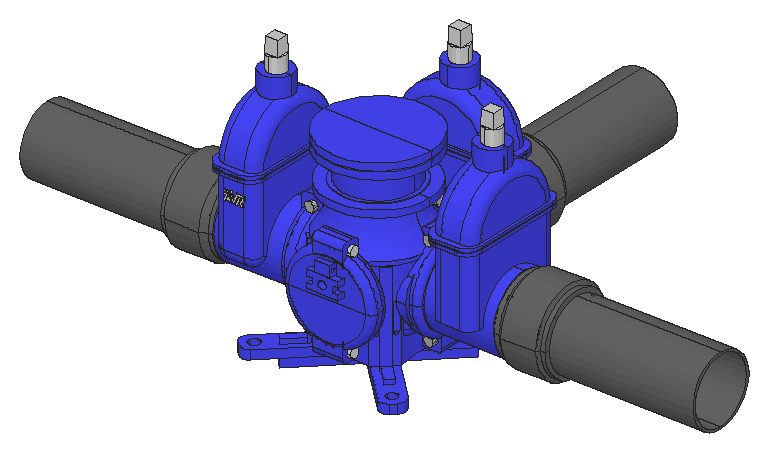
Revit family "18-01-010 DN150 Combicross with BL_CAP", category Pipe Accessories, Revit 2022
Family settings
  Round Connector Dimension = Use Diameter
  Part Type = Valve - Breaks Into
  Work Plane-Based = No
  Always vertical = Yes
  Cut with Voids When Loaded = No
  Shared = No
Parameters (values of type "DN150_With BL_CAP")
  test = 100 mm  # constant formula
  URL_product_pages = "https://www.avkvalves.com/P.aspx?no=1815001CCC894764"
  Search_table = "18-01-010 DN150 Combicross with BL_CAP"
  Rib_dim2 = 510 mm * 0.04  # 20.4 mm
  Rib_dim1 = 55 mm * 0.2  # 11 mm
  Raised_dis = size_lookup(Search_table, "Raised_dis", 0 mm, DN)  # 3 mm
  Rib_dim3 = PCD * 0.45  # 180 mm
  PCD = 510 mm - 110 mm  # 400 mm
  L3 = size_lookup(Search_table, "L3", 0 mm, DN)  # 952 mm
  L = size_lookup(Search_table, "L", 0 mm, DN) / 2  # 767 mm
  Hole_dia = 26 mm / 2  # 13 mm
  H3-H1 = H3 - H1  # 401 mm
  H3 = size_lookup(Search_table, "H3", 0 mm, DN)  # 591 mm
  H1 = size_lookup(Search_table, "H1", 0 mm, DN)  # 190 mm
  FL_T = size_lookup(Search_table, "FL_T", 0 mm, DN)  # 16 mm
  Description_ = "COMBI-CROSS, PE PIPE ENDS, PN16"
  Default Elevation = 0 mm
  DN150_With BL_CAP = "18-150-01-CCC894764"
  DN = 150 mm
  Conn.3 = size_lookup(Search_table, "Conn.3", 0 mm, DN)  # 160 mm
  Conn.2 = size_lookup(Search_table, "Conn.2", 0 mm, DN)  # 160 mm
  Conn.1 = size_lookup(Search_table, "Conn.1", 0 mm, DN)  # 160 mm
  L4 = size_lookup(Search_table, "L4", 0 mm, DN)  # 335 mm
  Centre_Flange_OD = size_lookup(Search_table, "Centre_Flange_OD", 0 mm, DN) / 2  # 110 mm
  Centre_Bnt_H = size_lookup(Search_table, "Centre_Bnt_H", 0 mm, DN)  # 85 mm
  Centre_dis = size_lookup(Search_table, "Centre_dis", 0 mm, DN) / 2  # 125 mm
  Centre_B_H = size_lookup(Search_table, "Centre_B_H", 0 mm, DN)  # 188 mm
  C_to_connection = size_lookup(Search_table, "C_to_connection", 0 mm, DN)  # 125 mm
  C_FL_D = size_lookup(Search_table, "C_FL_D", 0 mm, DN) / 2  # 120 mm
  C_Bnt_OD = Bore * 1.25  # 93.75 mm
  Bore = DN / 2  # 75 mm
  Body_T = size_lookup(Search_table, "Body_T", 0 mm, DN)  # 9 mm
  Bnt_RR = Centre_dis * 0.85  # 106.25 mm
  55/2 = 55 mm / 2  # 27.5 mm
  510 = 510 mm / 2  # 255 mm
  35 = 35 mm  # constant formula
  320 = 320 mm / 2  # 160 mm
  30 = 30 mm  # constant formula
  20 = 20 mm  # constant formula
  2 = 2 mm  # constant formula
  185 = 185 mm  # constant formula
  15 = 15 mm  # constant formula
  10 = 10 mm  # constant formula
  1 = 150 mm  # constant formula
Reference planes
  plane 1 "Center (Front/Back)": y = 0
  plane 2: z = 0
  plane 3 "Center (Left/Right)": x = 0
  plane 4: through (0, 0, 1200) normal (-0.7071, 0.7071, 0)
  plane 5: through (0, 0, 1200) normal (-0.7071, -0.7071, 0)
  plane 6: z = 75
  plane 7: z = -75
  plane 8: z = 188
  plane 9: z = 172
  plane 10: x = -75
  plane 11: x = 75
  plane 12: x = -125
  plane 13: x = 125
  plane 14: z = 273
  plane 15: z = 270
  plane 16: z = 289
  plane 17: z = 401
  plane 18: x = -125
  plane 19: x = 125
  plane 20: y = 125
  plane 21: y = -125
  plane 22: through (124.616, -485.241, 1200) normal (0.7071, 0.7071, 0)
  plane 23: z = -190
  plane 24: z = -160
  plane 25: through (-593.135, 232.511, 1200) normal (0.7071, 0.7071, 0)
  plane 26: y = -75
  plane 27: x = -75
  plane 28: through (-126.931, 487.555, 1200) normal (0.7071, 0.7071, 0)
  plane 29: through (-400.771, -40.147, 1200) normal (-0.7071, 0.7071, 0)
  plane 30: through (-24.107, -384.732, 1200) normal (-0.7071, 0.7071, 0)
  plane 31: through (58.234, 97.33, 1200) normal (0.7071, 0.7071, 0)
  plane 32: through (-97.33, -58.234, 1200) normal (0.7071, 0.7071, 0)
  plane 33: through (58.234, -97.33, 1200) normal (-0.7071, 0.7071, 0)
  plane 34: through (-97.33, 58.234, 1200) normal (-0.7071, 0.7071, 0)
  plane 35: x = -767
  plane 36: x = 767
  plane 37: x = -432
  plane 38: z = -190
  plane 39: y = 767
  plane 40: y = -185
Forms (mm)
  Revolve 1, solid, material "Laminate, Blue, Matte"
    sketch origin (0, 0, -71.799) x (1, 0, 0) y (0, 0, 1)
      loop
        line (-125, 155.799) -> (-125, 146.799) -> (-75, 146.799) -> (-75, 243.799) -> (-84, 243.799)
        arc (-84, 243.799) -> (-96.418, 196.034) -> (-125, 155.799) r 136.586
      axis (0, 243.799) -> (0, 146.799)
    angle from 0 to 360
  Revolve 2, solid, material "Laminate, Blue, Matte"
    sketch origin (0, 0, 0) x (1, 0, 0) y (0, 0, 1)
      loop
        line (125, 270) -> (106.25, 270) -> (106.25, 273) -> (75, 273) -> (75, 188) -> (84, 188) -> (84, 254) -> (125, 254) -> (125, 270)
      axis (0, 273) -> (0, 188)
    angle from 0 to 360
  Extrusion 3, solid, material "Laminate, Blue, Matte"
    sketch origin (-442.62, -1524, 188) x (-1, 0, 0) y (0, -1, 0)
      loop
        circle (-442.62, -1524) r 93.75
      loop
        circle (-442.62, -1524) r 75
    from 0 to -16
  Revolve 4, solid, material "Laminate, Blue, Matte"
    sketch origin (0, 0, 0) x (1, 0, 0) y (0, 0, 1)
      loop
        line (-125, 289) -> (-125, 273) -> (0, 273) -> (0, 289) -> (-125, 289)
      axis (0, 273) -> (0, 289)
    angle from 0 to 360
  Revolve 5, solid, material "Laminate, Blue, Matte"
    sketch origin (0, 0, 0) x (1, 0, 0) y (0, 0, 1)
      loop
        line (0, 75) -> (-125, 75) -> (-125, -64)
        arc (-125, -64) -> (-119.142, -78.142) -> (-105, -84) r 20
        line (-105, -84) -> (0, -84) -> (0, 75)
      axis (0, 75) -> (0, -84)
    angle from 0 to 360
  Revolve 6, solid, material "Laminate, Blue, Matte"
    sketch origin (0, 0, 0) x (1, 0, 0) y (0, 0, 1)
      loop
        line (-120, 188) -> (-120, 172) -> (0, 172) -> (0, 188) -> (-120, 188)
      axis (0, 188) -> (0, 172)
    angle from 0 to 360
  Extrusion 7, solid, material "Laminate, Blue, Matte"
    sketch origin (0, 0, 0) x (1, 0, 0) y (0, 0, 1)
      loop
        circle (0, 0) r 75
    from -125 to 125
  Extrusion 8, solid, material "Laminate, Blue, Matte"
    sketch origin (0, 0, 0) x (0, 1, 0) y (0, 0, 1)
      loop
        circle (0, 0) r 75
    from -125 to 125
  Extrusion 9, solid, material "Laminate, Blue, Matte"
    sketch origin (-49.134, 0, 0) x (1, 0, 0) y (0, 1, 0)
      loop
        line (-136.481, -175.009) -> (-125.875, -185.616)
        arc (-125.875, -185.616) -> (-111.733, -191.473) -> (-97.59, -185.616) r 20
        line (-97.59, -185.616) -> (49.134, -38.891) -> (195.859, -185.616)
        arc (195.859, -185.616) -> (210.001, -191.473) -> (224.143, -185.616) r 20
        line (224.143, -185.616) -> (234.75, -175.009)
        arc (234.75, -175.009) -> (240.608, -160.867) -> (234.75, -146.725) r 20
        line (234.75, -146.725) -> (88.025, 0) -> (234.75, 146.725)
        arc (234.75, 146.725) -> (240.608, 160.867) -> (234.75, 175.009) r 20
        line (234.75, 175.009) -> (224.143, 185.616)
        arc (224.143, 185.616) -> (210.001, 191.473) -> (195.859, 185.616) r 20
        line (195.859, 185.616) -> (49.134, 38.891) -> (-97.59, 185.616)
        arc (-97.59, 185.616) -> (-111.733, 191.473) -> (-125.875, 185.616) r 20
        line (-125.875, 185.616) -> (-136.481, 175.009)
        arc (-136.481, 175.009) -> (-142.339, 160.867) -> (-136.481, 146.725) r 20
        line (-136.481, 146.725) -> (10.243, 0) -> (-136.481, -146.725)
        arc (-136.481, -146.725) -> (-142.339, -160.867) -> (-136.481, -175.009) r 20
      loop
        circle (-110.866, -160) r 13
      loop
        circle (209.134, 160) r 13
      loop
        circle (209.134, -160) r 13
      loop
        circle (-110.866, 160) r 13
    from -140 to -160
  Extrusion 10, solid, material "Laminate, Blue, Matte"
    sketch origin (-49.134, 0, 0) x (1, 0, 0) y (0, 1, 0)
      loop
        arc (-14.395, 105.956) -> (-38.374, 87.559) -> (-57.237, 63.945) r 125
        arc (-57.237, 63.945) -> (-51.556, 0.03) -> (-57.181, -63.889) r 364.185
        arc (-57.181, -63.889) -> (-38.3, -87.489) -> (-14.307, -105.867) r 125
        arc (-14.307, -105.867) -> (49.049, -99.915) -> (112.418, -105.711) r 344.669
        arc (112.418, -105.711) -> (136.834, -87.871) -> (156.251, -64.69) r 125
        arc (156.251, -64.69) -> (148.979, -0.039) -> (156.18, 64.619) r 292.468
        arc (156.18, 64.619) -> (137.545, 88.412) -> (113.745, 107.038) r 125
        arc (113.745, 107.038) -> (49.785, 93.443) -> (-14.395, 105.956) r 163.77
    from -135 to 0
  Extrusion 11, solid, material "Laminate, Blue, Matte"
    sketch origin (-49.134, 0, 0) x (1, 0, 0) y (0, 1, 0)
      loop
        line (49.134, 14.142) -> (-71.074, 134.35) -> (-85.216, 120.208) -> (34.992, 0) -> (-85.216, -120.208) -> (-71.074, -134.35) -> (49.134, -14.142) -> (169.342, -134.35) -> (183.484, -120.208) -> (63.276, 0) -> (183.484, 120.208) -> (169.342, 134.35) -> (49.134, 14.142)
    from -130 to -190
  Extrusion 12, solid, material "Laminate, Blue, Matte"
    sketch origin (-49.134, 0, 0) x (1, 0, 0) y (0, 1, 0)
      loop
        line (104.713, 71.135) -> (120.269, 55.579) -> (149.119, 84.429) -> (133.563, 99.985) -> (104.713, 71.135)
      loop
        line (-50.851, -84.429) -> (-35.294, -99.985) -> (-6.444, -71.135) -> (-22.001, -55.579) -> (-50.851, -84.429)
      loop
        line (149.119, -84.429) -> (120.269, -55.579) -> (104.713, -71.135) -> (133.563, -99.985) -> (149.119, -84.429)
      loop
        line (-6.444, 71.135) -> (-35.294, 99.985) -> (-50.851, 84.429) -> (-22.001, 55.579) -> (-6.444, 71.135)
    from -160 to 75
  Revolve 13, solid, material "Laminate, Blue, Matte"
    sketch origin (-49.134, 0, 0) x (1, 0, 0) y (0, 1, 0)
      loop
        line (49.134, -102.565) -> (49.134, -147.435) -> (138.134, -147.435)
        arc (138.134, -147.435) -> (148.741, -143.042) -> (153.134, -132.435) r 15
        line (153.134, -132.435) -> (153.134, -117.565)
        arc (153.134, -117.565) -> (148.741, -106.958) -> (138.134, -102.565) r 15
        line (138.134, -102.565) -> (49.134, -102.565)
      axis (49.134, -102.565) -> (49.134, -147.435)
    angle from 0 to 360
  Extrusion 14, solid, material "Laminate, Blue, Matte"
    sketch origin (0, 0, 0) x (0, 1, 0) y (0, 0, 1)
      loop
        line (-147.217, 75) -> (-102.217, 75) -> (-102.217, 111)
        arc (-102.217, 111) -> (-106.611, 121.607) -> (-117.217, 126) r 15
        line (-117.217, 126) -> (-132.217, 126)
        arc (-132.217, 126) -> (-142.824, 121.607) -> (-147.217, 111) r 15
        line (-147.217, 111) -> (-147.217, 75)
      loop
        line (-147.217, -75) -> (-147.217, -111)
        arc (-147.217, -111) -> (-142.824, -121.607) -> (-132.217, -126) r 15
        line (-132.217, -126) -> (-117.217, -126)
        arc (-117.217, -126) -> (-106.611, -121.607) -> (-102.217, -111) r 15
        line (-102.217, -111) -> (-102.217, -75) -> (-147.217, -75)
    from -35 to 35
  Extrusion 15, solid, material "Default New Material(1)"
    sketch origin (0, 0, 0) x (0, 1, 0) y (0, 0, 1)
      loop
        circle (-125.169, 105.693) r 11
      loop
        circle (-125.169, -105.693) r 11
    from -45 to 45
  Extrusion 16, solid, material "Laminate, Blue, Matte"
    sketch origin (0, 0, 0) x (1, 0, 0) y (0, 0, 1)
      loop
        line (-36.926, 57.003) -> (-36.926, 43.223) -> (-23.245, 43.223) -> (-23.245, 28.223) -> (-36.926, 28.223) -> (-36.926, 17.003) -> (36.926, 17.003) -> (36.926, 28.223) -> (23.245, 28.223) -> (23.245, 43.223) -> (36.926, 43.223) -> (36.926, 57.003) -> (-36.926, 57.003)
      loop
        circle (0, 36.333) r 10
    from 147.217 to 162.277
  Extrusion 17, solid, material "Laminate, Blue, Matte"
    sketch origin (0, 0, 0) x (0, 1, 0) y (0, 0, 1)
      loop
        line (-147.217, 57.003) -> (-147.217, 82.003) -> (-162.217, 82.003) -> (-162.217, 57.003) -> (-147.217, 57.003)
      loop
        circle (-155.036, 70.575) r 5
    from -18.224 to 18.224
Dimensions and locks
  equal spacing: plane 6, level, plane 7
  "Bore": plane 6 to level
  "Centre_B_H": plane 8 to level
  "FL_T": plane 8 to plane 9
  equal spacing: plane 11, plane 3 "Center (Left/Right)", plane 10
  "Bore": plane 3 "Center (Left/Right)" to plane 10
  "Body_T": plane 10 to Revolve 1 sketch curve
  equal spacing: plane 13, plane 3 "Center (Left/Right)", plane 12
  "Centre_dis": plane 3 "Center (Left/Right)" to plane 12
  "Centre_Bnt_H": plane 8 to plane 14
  "Raised_dis": Revolve 2 sketch curve to plane 14
  "Body_T": Revolve 2 sketch curve to plane 11
  "Raised_dis": plane 15 to plane 14
  "FL_T": Revolve 2 sketch curve to plane 15
  "Bnt_RR": Revolve 2 sketch curve to plane 3 "Center (Left/Right)"
  equal spacing: Extrusion 3 sketch curve, plane 3 "Center (Left/Right)", Extrusion 3 sketch curve  (x2)
  equal spacing: Extrusion 3 sketch curve, plane 1 "Center (Front/Back)", Extrusion 3 sketch curve  (x2)
  "FL_T": plane 16 to plane 14
  "H3-H1": plane 17 to level
  "Body_T": plane 7 to Revolve 5 sketch curve
  "C_FL_D": plane 3 "Center (Left/Right)" to Revolve 6 sketch curve
  equal spacing: Extrusion 7 sketch curve, plane 3 "Center (Left/Right)", Extrusion 7 sketch curve
  equal spacing: Extrusion 7 sketch curve, level, Extrusion 7 sketch curve
  equal spacing: Extrusion 7, plane 1 "Center (Front/Back)", Extrusion 7
  "C_to_connection": Extrusion 7 to plane 1 "Center (Front/Back)"
  equal spacing: plane 19, plane 3 "Center (Left/Right)", plane 18
  "C_to_connection": plane 3 "Center (Left/Right)" to plane 18
  equal spacing: Extrusion 8 sketch curve, plane 1 "Center (Front/Back)", Extrusion 8 sketch curve
  equal spacing: Extrusion 8 sketch curve, level, Extrusion 8 sketch curve
  equal spacing: Extrusion 8, plane 3 "Center (Left/Right)", Extrusion 8
  equal spacing: plane 20, plane 1 "Center (Front/Back)", plane 21
  "C_to_connection": plane 20 to plane 1 "Center (Front/Back)"
  equal spacing: Extrusion 9 sketch curve, plane 4, Extrusion 9 sketch curve
  "55/2": Extrusion 9 sketch curve to plane 4
  "510": plane 5 to Extrusion 9 sketch curve
  "510": plane 5 to plane 22
  "H1": level to plane 23
  "30": Extrusion 9 to plane 23
  "30": plane 24 to plane 23
  "20": Extrusion 9 to plane 24
  "510": plane 5 to plane 25
  "510": plane 28 to plane 5
  Extrusion 9 sketch curve to Extrusion 9 sketch curve = 55 mm
  "510": plane 29 to plane 4
  "510": plane 4 to plane 30
  "Body_T": Revolve 1 sketch curve to plane 6
  "Centre_Flange_OD": plane 31 to plane 5
  equal spacing: Extrusion 12 sketch curve, plane 4, Extrusion 12 sketch curve  (x2)
  "Rib_dim2": plane 31 to Extrusion 12 sketch curve
  "Rib_dim2": Extrusion 12 sketch curve to plane 31
  "Rib_dim1": Extrusion 12 sketch curve to plane 4
  equal spacing: Extrusion 12 sketch curve, plane 5, Extrusion 12 sketch curve  (x2)
  "Rib_dim2": Extrusion 12 sketch curve to plane 32
  "Rib_dim2": plane 33 to Extrusion 12 sketch curve
  "Rib_dim2": Extrusion 12 sketch curve to plane 33
  "Rib_dim2": plane 34 to Extrusion 12 sketch curve
  "Rib_dim1": Extrusion 12 sketch curve to plane 5
  "Rib_dim1": plane 5 to Extrusion 12 sketch curve
  equal spacing: Extrusion 9 sketch curve, plane 5, Extrusion 9 sketch curve
  "320": Extrusion 9 sketch curve to plane 3 "Center (Left/Right)"  (x2)
  "320": plane 3 "Center (Left/Right)" to Extrusion 9 sketch curve  (x2)
  equal spacing: Extrusion 11 sketch curve, plane 4, Extrusion 11 sketch curve  (x2)
  equal spacing: Extrusion 11 sketch curve, plane 5, Extrusion 11 sketch curve  (x2)
  "10": Extrusion 11 sketch curve to plane 5
  "10": plane 4 to Extrusion 11 sketch curve
  "Rib_dim3": Extrusion 11 sketch curve to plane 5
  "Rib_dim3": Extrusion 11 sketch curve to plane 4
  equal spacing: Extrusion 10 sketch curve, plane 5, Extrusion 10 sketch curve  (x2)
  "30": plane 5 to Extrusion 10 sketch curve
  equal spacing: Extrusion 10 sketch curve, plane 4, Extrusion 10 sketch curve  (x2)
  "30": Extrusion 10 sketch curve to plane 5
  "30": plane 4 to Extrusion 10 sketch curve  (x2)
  "L": plane 3 "Center (Left/Right)" to plane 35
  "L": plane 3 "Center (Left/Right)" to plane 36
  "L4": plane 35 to plane 37
  "H1": level to plane 38
  "30": Extrusion 11 to plane 24
  plane 17 to plane 38 = 591 mm
  plane 35 to plane 36 = 1534 mm
  "L": plane 1 "Center (Front/Back)" to plane 39
  "L3": plane 39 to plane 40
  equal spacing: Revolve 13 sketch curve, plane 21, Revolve 13 sketch curve
  equal spacing: Extrusion 16 sketch curve, plane 3 "Center (Left/Right)", Extrusion 16 sketch curve  (x2)
  equal spacing: Extrusion 17, plane 3 "Center (Left/Right)", Extrusion 17
  "Bore": radius of Extrusion 3 sketch curve
  "C_Bnt_OD": radius of Extrusion 3 sketch curve
  "Bore": radius of Extrusion 7 sketch curve
  "Bore": radius of Extrusion 8 sketch curve
  "Hole_dia": radius of Extrusion 9 sketch curve  (x4)
  "20": radius of Extrusion 9 sketch curve  (x8)
  "Centre_dis": radius of Extrusion 10 sketch curve  (x4)
  aligned and locked: level to plane 2
  aligned and locked: Revolve 1 sketch curve to plane 3 "Center (Left/Right)"
  aligned and locked: Revolve 1 sketch curve to plane 6
  aligned and locked: plane 10 to Revolve 1 sketch curve
  aligned and locked: plane 9 to Revolve 1 sketch curve
  aligned and locked: Revolve 1 sketch curve to plane 12
  aligned and locked: Revolve 2 sketch curve to plane 3 "Center (Left/Right)"
  aligned and locked: plane 8 to Revolve 2 sketch curve
  aligned and locked: Revolve 2 sketch curve to plane 11
  aligned and locked: plane 14 to Revolve 2 sketch curve
  aligned and locked: plane 13 to Revolve 2 sketch curve
  aligned and locked: plane 8 to Extrusion 3
  aligned and locked: Extrusion 3 to plane 9
  aligned and locked: plane 16 to Revolve 4 sketch curve
  aligned and locked: plane 12 to Revolve 4 sketch curve
  aligned and locked: plane 14 to Revolve 4 sketch curve
  aligned and locked: Revolve 4 sketch curve to plane 3 "Center (Left/Right)"
  aligned and locked: Revolve 4 sketch curve to plane 16
  aligned and locked: plane 3 "Center (Left/Right)" to Revolve 5 sketch curve
  aligned and locked: plane 6 to Revolve 5 sketch curve
  aligned and locked: Revolve 5 sketch curve to plane 3 "Center (Left/Right)"
  aligned and locked: Revolve 6 sketch curve to plane 3 "Center (Left/Right)"  (x2)
  aligned and locked: Revolve 6 sketch curve to plane 8
  aligned and locked: plane 9 to Revolve 6 sketch curve
  aligned and locked: Extrusion 8 to plane 18
  aligned and locked: Extrusion 9 sketch curve to plane 22
  aligned and locked: level to Extrusion 10
  aligned and locked: Extrusion 9 sketch curve to plane 28
  aligned and locked: Extrusion 9 sketch curve to Extrusion 9 sketch curve  (x2)
  aligned and locked: plane 30 to Extrusion 9 sketch curve
  aligned and locked: Extrusion 9 sketch curve to plane 29
  aligned and locked: Extrusion 11 sketch curve to Extrusion 11 sketch curve  (x4)
  aligned and locked: Extrusion 12 sketch curve to Extrusion 12 sketch curve  (x4)
  aligned and locked: Extrusion 12 to plane 24
  aligned and locked: plane 6 to Extrusion 12
  aligned and locked: plane 18 to nested 1
  aligned and locked: plane 20 to nested 2
  aligned and locked: nested 3 to plane 19
  aligned and locked: Extrusion 11 to plane 38
  aligned and locked: Revolve 13 sketch curve to plane 3 "Center (Left/Right)"
  aligned and locked: nested 2 to Extrusion 14 sketch curve
  aligned and locked: Extrusion 14 to nested 2  (x2)
  aligned and locked: Extrusion 15 to nested 2  (x2)
  aligned and locked: Extrusion 16 sketch curve to Extrusion 16 sketch curve  (x2)
  aligned and locked: Extrusion 14 to Extrusion 16
  aligned and locked: Extrusion 17 sketch curve to Extrusion 16
Automatic sketch dimensions
  Revolve 4 sketch curve to plane 3 "Center (Left/Right)" = 0 mm
  plane 16 to Revolve 4 sketch curve = 85 mm
  Revolve 13 sketch curve to plane 3 "Center (Left/Right)" = 0 mm
  plane 11 to Revolve 13 sketch curve = 14 mm  (x2)
  Revolve 13 sketch curve to plane 21 = 7.435 mm
  Revolve 13 sketch curve to plane 40 = 40 mm
  Revolve 13 sketch curve to Revolve 13 sketch curve = 40 mm
  Revolve 13 sketch curve to Revolve 13 sketch curve = 15 mm
  Extrusion 14 sketch curve to plane 6 = 0 mm
  Extrusion 14 sketch curve to plane 7 = 0 mm
  plane 21 to Extrusion 14 sketch curve = 22.217 mm  (x2)
  plane 21 to Extrusion 14 sketch curve = 7.217 mm  (x2)
  Extrusion 14 sketch curve to plane 21 = 7.783 mm  (x3)
  Extrusion 14 sketch curve to Extrusion 14 sketch curve = 15 mm
  Extrusion 14 sketch curve to plane 21 = 22.783 mm
  Extrusion 14 sketch curve to Extrusion 14 sketch curve = 36 mm
  plane 21 to Extrusion 15 sketch curve = 0.169 mm  (x2)
  Extrusion 15 sketch curve to plane 7 = 30.693 mm
  plane 6 to Extrusion 15 sketch curve = 30.693 mm
  Extrusion 16 sketch curve to plane 3 "Center (Left/Right)" = 0 mm
  Extrusion 16 sketch curve to plane 3 "Center (Left/Right)" = 23.245 mm
  Extrusion 16 sketch curve to Extrusion 16 sketch curve = 13.681 mm
  level to Extrusion 16 sketch curve = 17.003 mm
  Extrusion 16 sketch curve to Extrusion 16 sketch curve = 11.22 mm  (x2)
  Extrusion 16 sketch curve to Extrusion 16 sketch curve = 8.11 mm
  Extrusion 16 sketch curve to Extrusion 16 sketch curve = 15 mm  (x2)
  Extrusion 16 sketch curve to Extrusion 16 sketch curve = 13.78 mm
  plane 40 to Extrusion 17 sketch curve = 22.783 mm
  Extrusion 17 sketch curve to plane 6 = 4.425 mm
  Extrusion 17 sketch curve to Extrusion 17 sketch curve = 7.181 mm
  Extrusion 17 sketch curve to Extrusion 17 sketch curve = 15 mm
  plane 6 to Extrusion 17 sketch curve = 7.003 mm
  Revolve 1 sketch curve to plane 8 = 6.082 mm
  Revolve 1 sketch curve to plane 9 = 32.024 mm
  plane 8 to Revolve 1 sketch curve = 16.976 mm
  Revolve 2 sketch curve to plane 17 = 11.711 mm
  plane 17 to Revolve 2 sketch curve = 3.289 mm
  Revolve 5 sketch curve to plane 12 = 0 mm
  plane 12 to Revolve 5 sketch curve = 20 mm
  Revolve 5 sketch curve to Revolve 5 sketch curve = 31 mm
  Revolve 5 sketch curve to plane 9 = 15 mm
  Revolve 6 sketch curve to plane 9 = 20 mm
  Revolve 6 sketch curve to Revolve 6 sketch curve = 25 mm
  plane 1 "Center (Front/Back)" to Extrusion 9 sketch curve = 0 mm  (x2)
  Extrusion 9 sketch curve to plane 3 "Center (Left/Right)" = 0 mm  (x2)
  Extrusion 9 sketch curve to plane 5 = 0 mm
  Extrusion 9 sketch curve to plane 4 = 0 mm  (x2)
  plane 1 "Center (Front/Back)" to Extrusion 10 sketch curve = 0.129 mm
  Extrusion 10 sketch curve to plane 37 = 32.876 mm
  Extrusion 10 sketch curve to plane 3 "Center (Left/Right)" = 0.731 mm
  plane 3 "Center (Left/Right)" to Extrusion 10 sketch curve = 0.01 mm
  plane 3 "Center (Left/Right)" to Extrusion 10 sketch curve = 0.016 mm
  Extrusion 10 sketch curve to plane 1 "Center (Front/Back)" = 0.007 mm
  plane 3 "Center (Left/Right)" to Extrusion 10 sketch curve = 0.04 mm
  plane 3 "Center (Left/Right)" to Extrusion 10 sketch curve = 0.34 mm
  plane 3 "Center (Left/Right)" to Extrusion 10 sketch curve = 2.288 mm
  Extrusion 10 sketch curve to plane 1 "Center (Front/Back)" = 0.121 mm
  plane 13 to Extrusion 10 sketch curve = 267.313 mm
  Extrusion 10 sketch curve to plane 40 = 259.583 mm
  radius of Extrusion 15 sketch curve = 11 mm  (x2)
  radius of Extrusion 16 sketch curve = 10 mm
  radius of Extrusion 17 sketch curve = 5 mm
Nested families
  nested 1: "Gate valve DN150" at (-237, 0, 0), type "Gate valve DN150"
  nested 2: "Gate valve DN150" at (0, 237, 0) x (0, -1, 0) z (0, 0, 1), type "Gate valve DN150"
  nested 3: "Gate valve DN150" at (237, 35, 0) x (-1, 0, 0) z (0, 0, 1), type "Gate valve DN150"
Connectors
  piping at (-767, 0, 0), diameter 150, driven by "DN"
    settings: on nested 1, index 1, connector inside diameter 609.6 mm, connector length 0 mm, flow factor 0, pipe flow 0.0 L/s, pressure drop 0.0 Pa, fitting loss kfactor 0, connector angle 0.00°, fixture units 0, engagement length 0 mm, angle of deflection 0.00°, flow configuration 0, flow direction 0, fitting loss method 0, system type 7, joint type 0, gender type 0, connector reference index -1, connector utility 0, adjustable connector no, is connector primary yes, connector description ""
  piping at (767, 35, 0), diameter 150, driven by "DN"
    settings: on nested 3, index 2, connector inside diameter 609.6 mm, connector length 0 mm, flow factor 0, pipe flow 0.0 L/s, pressure drop 0.0 Pa, fitting loss kfactor 0, connector angle 0.00°, fixture units 0, engagement length 0 mm, angle of deflection 0.00°, flow configuration 0, flow direction 0, fitting loss method 0, system type 7, joint type 0, gender type 0, connector reference index -1, connector utility 0, adjustable connector no, is connector primary no, connector description ""
  piping at (0, 767, 0), diameter 150, driven by "DN"
    settings: on nested 2, index 3, connector inside diameter 609.6 mm, connector length 0 mm, flow factor 0, pipe flow 0.0 L/s, pressure drop 0.0 Pa, fitting loss kfactor 0, connector angle 0.00°, fixture units 0, engagement length 0 mm, angle of deflection 0.00°, flow configuration 0, flow direction 0, fitting loss method 0, system type 7, joint type 0, gender type 0, connector reference index -1, connector utility 0, adjustable connector no, is connector primary no, connector description ""
  piping at (0, -125, 0), diameter 150, driven by "DN"
    settings: on Extrusion 7, index 4, connector inside diameter 609.6 mm, connector length 0 mm, flow factor 0, pipe flow 0.0 L/s, pressure drop 0.0 Pa, fitting loss kfactor 0, connector angle 0.00°, fixture units 0, engagement length 0 mm, angle of deflection 0.00°, flow configuration 0, flow direction 0, fitting loss method 0, system type 7, joint type 0, gender type 0, connector reference index -1, connector utility 0, adjustable connector no, is connector primary no, connector description ""
Definition of nested family "Gate valve DN150"
  Parameters (values of type "Gate valve DN150")
    max_H = size_lookup(Search_table, "max_H", 0 mm, DN)  # 104 mm
    Width = size_lookup(Search_table, "Width", 0 mm, DN) / 2  # 23.5 mm
    Stem_Hole = 21.5 mm  # constant formula
    Stem_H = 47 mm  # constant formula
    Stem_F2 = 34 mm  # constant formula
    Stem_F1 = 30 mm / 2  # 15 mm
    Stem_F = 28 mm / 2  # 14 mm
    Search_table = "Gate valve"
    SctoF = size_lookup(Search_table, "SctoF", 0 mm, DN)  # 642 mm
    Polymer = (H33 - HH) * 0.95  # 94.05 mm
    PE_dis1 = PE_dis * 0.1  # 12 mm
    PE_dis = size_lookup(Search_table, "PE_dis", 0 mm, DN)  # 120 mm
    PE_dia1 = PE_dia * 0.9  # 89.1 mm
    PE_dia = size_lookup(Search_table, "PE_dia", 0 mm, DN) / 2  # 99 mm
    L4 = size_lookup(Search_table, "L4", 0 mm, DN)  # 335 mm
    L/2 = L * 0.5  # 767 mm
    L = size_lookup(Search_table, "L", 0 mm, DN)  # 1534 mm
    Inner_Width = size_lookup(Search_table, "Inner_Width", 0 mm, DN)  # 32.5 mm
    HH = size_lookup(Search_table, "HH", 0 mm, DN)  # 400 mm
    H33-HH = (H33 - HH)  # 99 mm
    H33 = size_lookup(Search_table, "H33", 0 mm, DN)  # 499 mm
    H3-H1 = H3 - H1  # 401 mm
    H3 = size_lookup(Search_table, "H3", 0 mm, DN)  # 591 mm
    H1 = size_lookup(Search_table, "H1", 0 mm, DN)  # 190 mm
    Default Elevation = 1219.2 mm
    DN = 150 mm
    D = size_lookup(Search_table, "D", 0 mm, DN) / 2  # 80 mm
    CtoSocket = size_lookup(Search_table, "CtoSocket", 0 mm, DN)  # 112 mm
    CtoFit = size_lookup(Search_table, "CtoFit", 0 mm, DN)  # 195 mm
    Clamp_width = size_lookup(Search_table, "Clamp_width", 0 mm, DN) / 2  # 126 mm
    Clamp_w_T = size_lookup(Search_table, "Clamp_w_T", 0 mm, DN)  # 11 mm
    Clamp_W_H = size_lookup(Search_table, "Clamp_W_H", 0 mm, DN)  # 35 mm
    Clamp_R = size_lookup(Search_table, "Clamp_R", 0 mm, DN)  # 85.5 mm
    Bore = DN / 2  # 75 mm
    Bont_dim2 = Stem_Hole * 1.7  # 36.55 mm
    Bont_R = size_lookup(Search_table, "Bont_R", 0 mm, DN)  # 35 mm
    Body_T = size_lookup(Search_table, "Body_T", 0 mm, DN)  # 9 mm
    Body_R = 25 mm  # constant formula
    Bnt_FL_W = size_lookup(Search_table, "Bnt_FL_W", 0 mm, DN) / 2  # 137 mm
    Bnt_FL_L = Bdy_W * 1.18  # 56.64 mm
    Bdy_W = size_lookup(Search_table, "Bdy_W", 0 mm, DN) / 2  # 48 mm
    Bdy_Rib_L = size_lookup(Search_table, "Bdy_Rib_L", 0 mm, DN) / 2  # 60 mm
    Bdy_OD_R = size_lookup(Search_table, "Bdy_OD_R", 0 mm, DN)  # 92 mm
    Bdy_L = size_lookup(Search_table, "Bdy_L", 0 mm, DN) / 2  # 122 mm
    Bdy_H = size_lookup(Search_table, "Bdy_H", 0 mm, DN)  # 172 mm
    Bdy_FL_T = size_lookup(Search_table, "Bdy_FL_T", 0 mm, DN)  # 7.5 mm
    5 = 10 mm  # constant formula
    1 = 1 mm  # constant formula
  Reference planes
    plane 1 "Center (Front/Back)": y = 0
    plane 2: z = 0
    plane 3 "Center (Left/Right)": x = 0
    plane 4: z = 75
    plane 5: z = -75
    plane 6: x = -530
    plane 7: x = 112
    plane 8: y = -122
    plane 9: y = -97
    plane 10: y = 122
    plane 11: y = 57
    plane 12: z = 172
    plane 13: z = 401
    plane 14: z = 367
    plane 15: z = 367
    plane 16: z = 367
    plane 17: x = -195
    plane 18: x = -75
    plane 19: y = 89.1
    plane 20: x = 48
    plane 21: z = 104
    plane 22: z = 104
    plane 23: y = 35
    plane 24: z = 80
  Forms (mm)
    Extrusion 1, solid
      sketch origin (0, 0, 0) x (1, 0, 0) y (0, 1, 0)
        loop
          line (-20, 15.981) -> (-20, -7.599) -> (20.031, -7.599) -> (20.031, 15.981) -> (-20, 15.981)
      from 0 to 3.871
    Revolve 2, solid
      sketch origin (0, 0, 0) x (1, 0, 0) y (0, 0, 1)
        loop
          line (-530, 80) -> (-530, 75) -> (-195, 75) -> (-195, 80) -> (-530, 80)
        axis (-530, 0) -> (-195, 0)
      angle from 0 to 360
    Extrusion 3, solid
      sketch origin (0, 0, 0) x (1, 0, 0) y (0, 1, 0)
        loop
          arc (-23, 122) -> (-40.678, 114.678) -> (-48, 97) r 25
          line (-48, 97) -> (-48, -97)
          arc (-48, -97) -> (-40.678, -114.678) -> (-23, -122) r 25
          line (-23, -122) -> (23, -122)
          arc (23, -122) -> (40.678, -114.678) -> (48, -97) r 25
          line (48, -97) -> (48, 97)
          arc (48, 97) -> (40.678, 114.678) -> (23, 122) r 25
          line (23, 122) -> (-23, 122)
      from 0 to 172
    Revolve 4, solid
      sketch origin (0, 0, 0) x (1, 0, 0) y (0, 1, 0)
        loop
          arc (-48, -97) -> (-40.678, -114.678) -> (-23, -122) r 25
          line (-23, -122) -> (23, -122)
          arc (23, -122) -> (40.678, -114.678) -> (48, -97) r 25
          line (48, -97) -> (-48, -97)
        axis (-48, -97) -> (48, -97)
      angle from 0 to 360
    Revolve 5, solid
      sketch origin (0, 0, 0) x (1, 0, 0) y (0, 1, 0)
        loop
          line (-48, 57) -> (48, 57)
          arc (48, 57) -> (40.494, 74.333) -> (23.006, 81.468) r 25
          line (23.006, 81.468) -> (-23.006, 81.468)
          arc (-23.006, 81.468) -> (-40.494, 74.333) -> (-48, 57) r 25
        axis (48, 57) -> (-48, 57)
      angle from 0 to 360
    Revolve 6, solid
      sketch origin (-493.771, -4572, 172) x (-1, 0, 0) y (0, -1, 0)
        loop
          arc (-470.771, -4694) -> (-453.093, -4686.678) -> (-445.771, -4669) r 25
          line (-445.771, -4669) -> (-445.771, -4572) -> (-541.771, -4572) -> (-541.771, -4669)
          arc (-541.771, -4669) -> (-534.449, -4686.678) -> (-516.771, -4694) r 25
          line (-516.771, -4694) -> (-470.771, -4694)
        axis (-445.771, -4572) -> (-541.771, -4572)
      angle from 0 to -180
    Extrusion 7, solid
      sketch origin (-493.771, -4572, 172) x (-1, 0, 0) y (0, -1, 0)
        loop
          arc (-472.131, -4709) -> (-447.382, -4698.749) -> (-437.131, -4674) r 35
          line (-437.131, -4674) -> (-437.131, -4470)
          arc (-437.131, -4470) -> (-447.382, -4445.251) -> (-472.131, -4435) r 35
          line (-472.131, -4435) -> (-515.411, -4435)
          arc (-515.411, -4435) -> (-540.16, -4445.251) -> (-550.411, -4470) r 35
          line (-550.411, -4470) -> (-550.411, -4674)
          arc (-550.411, -4674) -> (-540.16, -4698.749) -> (-515.411, -4709) r 35
          line (-515.411, -4709) -> (-472.131, -4709)
      from -7.5 to 7.5
    Sweep 8, void
      path in 3D
        loop
          arc (21.64, -137, 179.5) -> (46.389, -126.749, 179.5) -> (56.64, -102, 179.5) r 35
          line (56.64, -102, 179.5) -> (56.64, 102, 179.5)
          arc (56.64, 102, 179.5) -> (46.389, 126.749, 179.5) -> (21.64, 137, 179.5) r 35
          line (21.64, 137, 179.5) -> (-21.64, 137, 179.5)
          arc (-21.64, 137, 179.5) -> (-46.389, 126.749, 179.5) -> (-56.64, 102, 179.5) r 35
          line (-56.64, 102, 179.5) -> (-56.64, -102, 179.5)
          arc (-56.64, -102, 179.5) -> (-46.389, -126.749, 179.5) -> (-21.64, -137, 179.5) r 35
          line (-21.64, -137, 179.5) -> (21.64, -137, 179.5)
      profile origin (0, -137, 179.5) x (0, 1, 0) y (0, 0, 1)
        loop
          circle (0, -7.5) r 1
    Revolve 9, solid
      sketch origin (0, 0, 0) x (0, 1, 0) y (0, 0, 1)
        loop
          line (0, 367) -> (-21.5, 367) -> (-21.5, 172) -> (0, 172) -> (0, 367)
        axis (0, 367) -> (0, 172)
      angle from 0 to 360
    Revolve 10, solid
      sketch origin (0, 0, 0) x (1, 0, 0) y (0, 0, 1)
        loop
          line (0, 172) -> (36.55, 172) -> (36.55, 333) -> (0, 333) -> (0, 172)
        axis (0, 333) -> (0, 172)
      angle from 0 to 360
    Blend 11, solid
      base sketch origin (-122.707, -4572, 367) x (-1, 0, 0) y (0, -1, 0)
        loop
          line (-108.707, -4586) -> (-108.707, -4558) -> (-136.707, -4558) -> (-136.707, -4586) -> (-108.707, -4586)
      top sketch origin (-122.707, -4572, 367) x (-1, 0, 0) y (0, -1, 0)
        loop
          line (-107.707, -4587) -> (-107.707, -4557) -> (-137.707, -4557) -> (-137.707, -4587) -> (-107.707, -4587)
      from 34 to 0
    Extrusion 12, solid
      sketch origin (0, 0, 0) x (1, 0, 0) y (0, 0, 1)
        loop
          line (-23.918, 121.897) -> (-23.918, 117.626) -> (-18.918, 117.626) -> (-23.918, 105.401) -> (-18.918, 105.401) -> (-17.873, 107.958) -> (-10.679, 107.958) -> (-8.889, 105.401) -> (-3.889, 105.401) -> (-11.233, 121.897) -> (-23.918, 121.897)
        loop
          line (-16.916, 112.448) -> (-12.014, 112.448) -> (-14.569, 118.187) -> (-16.916, 112.448)
        loop
          line (-23.918, 128.623) -> (-23.918, 123.623) -> (-9.985, 123.623) -> (-1.872, 105.401) -> (2.613, 105.401) -> (10.066, 123.623) -> (25.066, 123.623) -> (25.066, 128.623) -> (6.51, 128.623) -> (0, 112.706) -> (-5.793, 128.623) -> (-23.918, 128.623)
        loop
          line (11.596, 122.227) -> (4.714, 105.401) -> (9.714, 105.401) -> (12.401, 111.971) -> (17.001, 105.401) -> (23.155, 105.401) -> (17.448, 112.448)
          arc (17.448, 112.448) -> (20.917, 114.098) -> (23.144, 117.227) r 7.64
          line (23.144, 117.227) -> (25.066, 117.227) -> (25.066, 122.227) -> (19.932, 122.227) -> (19.583, 120.483)
          arc (19.583, 120.483) -> (17.625, 117.244) -> (14.05, 116.003) r 5.574
          line (14.05, 116.003) -> (16.596, 122.227) -> (11.596, 122.227)
      from 122 to 123
    Revolve 13, solid
      sketch origin (0, 0, 0) x (1, 0, 0) y (0, 1, 0)
        loop
          line (-179.915, 99) -> (-183, 90.1) -> (-195, 90.1) -> (-195, 57) -> (-75, 57) -> (-75, 90.1) -> (-87, 90.1) -> (-99.4, 99) -> (-179.915, 99)
        axis (-195, 0) -> (-75, 0)
      angle from 0 to 360
    Revolve 14, solid
      sketch origin (0, 0, 0) x (1, 0, 0) y (0, 0, 1)
        loop
          line (-61, 75) -> (-75, 75) -> (-75, 0) -> (-61, 0) -> (-61, 75)
        axis (-75, 0) -> (-61, 0)
      angle from 0 to 360
    Revolve 15, solid
      sketch origin (0, 0, 0) x (1, 0, 0) y (0, 1, 0)
        loop
          line (135.5, 75) -> (135.5, 90)
          arc (135.5, 90) -> (131.399, 99.899) -> (121.5, 104) r 14
          line (121.5, 104) -> (102.5, 104)
          arc (102.5, 104) -> (92.601, 99.899) -> (88.5, 90) r 14
          line (88.5, 90) -> (88.5, 75) -> (135.5, 75)
        axis (88.5, 0) -> (135.5, 0)
      angle from 0 to 360
    Extrusion 16, solid
      sketch origin (0, 0, 0) x (1, 0, 0) y (0, 0, 1)
        loop
          arc (98.5, 126) -> (91.429, 123.071) -> (88.5, 116) r 10
          line (88.5, 116) -> (88.5, 90) -> (135.5, 90) -> (135.5, 116)
          arc (135.5, 116) -> (132.571, 123.071) -> (125.5, 126) r 10
          line (125.5, 126) -> (98.5, 126)
        loop
          line (88.5, -90) -> (88.5, -116)
          arc (88.5, -116) -> (91.429, -123.071) -> (98.5, -126) r 10
          line (98.5, -126) -> (125.5, -126)
          arc (125.5, -126) -> (132.571, -123.071) -> (135.5, -116) r 10
          line (135.5, -116) -> (135.5, -90) -> (88.5, -90)
      from -35 to 35
    Extrusion 17, solid
      sketch origin (0, 0, 0) x (1, 0, 0) y (0, 0, 1)
        loop
          circle (113.499, 104) r 10.75
        loop
          circle (112, -104) r 10.75
      from -45 to 45
    Extrusion 18, solid
      sketch origin (112, -4572, 279.192) x (0, 0, 1) y (0, -1, 0)
        loop
          circle (-279.192, -4572) r 75
        loop
          circle (-279.192, -4572) r 89.1
      from -187 to 0
  Cuts and joins
    Sweep 8 cuts Extrusion 7
  Lines and regions (mm)
    sketch lines
      curve 1: line (-21.64, -137, 179.5) -> (21.64, -137, 179.5)
      curve 2: arc (-21.64, -137, 179.5) -> (-46.389, -126.749, 179.5) -> (-56.64, -102, 179.5) r 35
      curve 3: arc (56.64, -102, 179.5) -> (46.389, -126.749, 179.5) -> (21.64, -137, 179.5) r 35
      curve 4: line (56.64, -102, 179.5) -> (56.64, 102, 179.5)
      curve 5: arc (21.64, 137, 179.5) -> (46.389, 126.749, 179.5) -> (56.64, 102, 179.5) r 35
      curve 6: line (21.64, 137, 179.5) -> (-21.64, 137, 179.5)
      curve 7: line (-56.64, 102, 179.5) -> (-56.64, -102, 179.5)
      curve 8: arc (-56.64, 102, 179.5) -> (-46.389, 126.749, 179.5) -> (-21.64, 137, 179.5) r 35
  Dimensions and locks
    equal spacing: plane 4, level, plane 5
    "Bore": plane 4 to level
    equal spacing: Extrusion 3 sketch curve, plane 3 "Center (Left/Right)", Extrusion 3 sketch curve
    equal spacing: Extrusion 3 sketch curve, plane 1 "Center (Front/Back)", Extrusion 3 sketch curve
    "Bdy_W": Extrusion 3 sketch curve to plane 3 "Center (Left/Right)"
    "Bdy_L": plane 1 "Center (Front/Back)" to Extrusion 3 sketch curve
    "Bdy_L": plane 8 to plane 1 "Center (Front/Back)"
    "Body_R": plane 9 to plane 8
    "Bdy_L": plane 1 "Center (Front/Back)" to plane 10
    "CtoSocket": plane 7 to plane 3 "Center (Left/Right)"
    "Bdy_H": plane 12 to level
    equal spacing: Revolve 6 sketch curve, plane 3 "Center (Left/Right)", Revolve 6 sketch curve
    "Bdy_L": plane 1 "Center (Front/Back)" to Revolve 6 sketch curve
    "Bdy_W": Revolve 6 sketch curve to plane 3 "Center (Left/Right)"
    equal spacing: Extrusion 7 sketch curve, plane 3 "Center (Left/Right)", Extrusion 7 sketch curve
    equal spacing: Extrusion 7 sketch curve, plane 1 "Center (Front/Back)", Extrusion 7 sketch curve
    "Bnt_FL_W": plane 1 "Center (Front/Back)" to Extrusion 7 sketch curve
    "Bnt_FL_L": plane 3 "Center (Left/Right)" to Extrusion 7 sketch curve
    equal spacing: Extrusion 7, plane 12, Extrusion 7
    "Bdy_FL_T": Extrusion 7 to plane 12
    "1": Sweep 8 sketch curve to plane 12
    "Bnt_FL_W": plane 1 "Center (Front/Back)" to Sweep 8 sketch curve
    "H3-H1": plane 13 to level
    "Stem_Hole": plane 1 "Center (Front/Back)" to Revolve 9 sketch curve
    "Stem_F2": plane 13 to plane 14
    "Bont_dim2": Revolve 10 sketch curve to plane 3 "Center (Left/Right)"
    "Stem_F2": plane 13 to plane 15
    "Stem_F2": plane 15 to Revolve 10 sketch curve
    "Stem_F2": plane 13 to plane 16
    equal spacing: Blend 11 sketch curve, plane 3 "Center (Left/Right)", Blend 11 sketch curve  (x2)
    equal spacing: Blend 11 sketch curve, plane 1 "Center (Front/Back)", Blend 11 sketch curve  (x2)
    "Stem_F": plane 3 "Center (Left/Right)" to Blend 11 sketch curve
    "Stem_F": plane 1 "Center (Front/Back)" to Blend 11 sketch curve
    "Stem_F1": plane 1 "Center (Front/Back)" to Blend 11 sketch curve
    "Stem_F1": plane 3 "Center (Left/Right)" to Blend 11 sketch curve
    "Bdy_L": plane 1 "Center (Front/Back)" to Extrusion 12
    "1": plane 8 to Extrusion 12
    "CtoFit": plane 3 "Center (Left/Right)" to plane 17
    "L4": plane 17 to plane 6
    "PE_dis": plane 18 to plane 17
    "PE_dia": plane 1 "Center (Front/Back)" to Revolve 13 sketch curve
    "PE_dia1": plane 1 "Center (Front/Back)" to plane 19
    "1": Revolve 13 sketch curve to plane 19
    "PE_dis1": plane 17 to Revolve 13 sketch curve
    "PE_dis1": Revolve 13 sketch curve to plane 18
    "Bdy_W": plane 20 to plane 3 "Center (Left/Right)"
    "Bore": level to Revolve 14 sketch curve
    "Stem_F": Revolve 14 sketch curve to plane 18
    "Bdy_W": Revolve 5 sketch curve to plane 3 "Center (Left/Right)"
    "Bdy_W": plane 3 "Center (Left/Right)" to Revolve 5 sketch curve
    plane 3 "Center (Left/Right)" to plane 18 = 75 mm
    "max_H": plane 1 "Center (Front/Back)" to Revolve 15 sketch curve
    equal spacing: Revolve 15 sketch curve, plane 7, Revolve 15 sketch curve
    "Width": Revolve 15 sketch curve to plane 7
    "Bore": plane 1 "Center (Front/Back)" to Revolve 15 sketch curve
    equal spacing: Extrusion 16 sketch curve, plane 7, Extrusion 16 sketch curve  (x2)
    "Width": Extrusion 16 sketch curve to plane 7  (x2)
    equal spacing: Extrusion 16 sketch curve, level, Extrusion 16 sketch curve  (x2)
    "max_H": plane 21 to level
    "Stem_F": plane 21 to Extrusion 16 sketch curve
    "Clamp_width": level to Extrusion 16 sketch curve
    equal spacing: Extrusion 16, plane 1 "Center (Front/Back)", Extrusion 16
    "Clamp_W_H": Extrusion 16 to plane 1 "Center (Front/Back)"
    equal spacing: Extrusion 17 sketch curve, level, Extrusion 17 sketch curve
    "max_H": plane 22 to level
    "max_H": level to Extrusion 17 sketch curve
    equal spacing: Extrusion 17, plane 1 "Center (Front/Back)", Extrusion 17
    "Clamp_W_H": plane 23 to plane 1 "Center (Front/Back)"
    "5": Extrusion 17 to plane 23
    equal spacing: Extrusion 18 sketch curve, plane 1 "Center (Front/Back)", Extrusion 18 sketch curve  (x2)
    equal spacing: Extrusion 18 sketch curve, level, Extrusion 18 sketch curve  (x2)
    "D": plane 24 to level
    "Body_R": radius of Extrusion 3 sketch curve  (x4)
    "Body_R": radius of Revolve 6 sketch curve  (x2)
    "Bont_R": radius of Extrusion 7 sketch curve  (x4)
    "1": radius of Sweep 8 sketch curve
    "Body_R": radius of Revolve 5 sketch curve  (x2)
    "Stem_F": radius of Revolve 15 sketch curve  (x2)
    "5": radius of Extrusion 16 sketch curve  (x4)
    "Stem_Hole": diameter of Extrusion 17 sketch curve  (x2)
    "Bore": radius of Extrusion 18 sketch curve
    "PE_dia1": radius of Extrusion 18 sketch curve
    aligned and locked: plane 2 to Extrusion 1
    aligned and locked: level to Extrusion 1
    aligned and locked: Revolve 2 to plane 6
    aligned and locked: Extrusion 3 to level
    aligned and locked: Revolve 4 sketch curve to Extrusion 3  (x3)
    aligned and locked: Revolve 4 sketch curve to plane 9
    aligned and locked: Revolve 5 sketch curve to plane 11  (x2)
    aligned and locked: plane 12 to Extrusion 3
    aligned and locked: Revolve 6 sketch curve to plane 1 "Center (Front/Back)"
    aligned and locked: plane 1 "Center (Front/Back)" to Revolve 6 sketch curve
    aligned and locked: Revolve 9 sketch curve to plane 1 "Center (Front/Back)"
    aligned and locked: plane 14 to Revolve 9 sketch curve
    aligned and locked: Revolve 9 sketch curve to plane 12
    aligned and locked: Revolve 9 sketch curve to Revolve 9 sketch curve
    aligned and locked: plane 3 "Center (Left/Right)" to Revolve 10 sketch curve
    aligned and locked: plane 12 to Revolve 10 sketch curve
    aligned and locked: Revolve 10 sketch curve to plane 3 "Center (Left/Right)"
    aligned and locked: plane 13 to Blend 11
    aligned and locked: Blend 11 to plane 16
    aligned and locked: Revolve 2 to plane 17
    aligned and locked: Revolve 13 sketch curve to plane 17
    aligned and locked: Revolve 13 sketch curve to Revolve 2
    aligned and locked: Revolve 13 sketch curve to plane 11
    aligned and locked: Revolve 13 sketch curve to Revolve 13 sketch curve
    aligned and locked: level to Revolve 14 sketch curve
    aligned and locked: plane 18 to Revolve 14 sketch curve
    aligned and locked: Revolve 14 sketch curve to level
    aligned and locked: Revolve 13 to plane 18
    aligned and locked: plane 1 "Center (Front/Back)" to Revolve 15 sketch curve
    aligned and locked: Extrusion 18 to plane 18
    aligned and locked: plane 7 to Extrusion 18
    aligned and locked: Revolve 2 sketch curve to plane 24
  Automatic sketch dimensions
    Extrusion 1 sketch curve to Extrusion 1 sketch curve = 40.031 mm
    Extrusion 1 sketch curve to Extrusion 1 sketch curve = 23.58 mm
    Revolve 4 sketch curve to Revolve 4 sketch curve = 10 mm
    Revolve 4 sketch curve to Revolve 4 sketch curve = 30 mm
    Extrusion 12 sketch curve to plane 3 "Center (Left/Right)" = 0 mm
    Extrusion 12 sketch curve to plane 3 "Center (Left/Right)" = 1.872 mm
    Extrusion 12 sketch curve to Extrusion 12 sketch curve = 2.016 mm
    Extrusion 12 sketch curve to plane 3 "Center (Left/Right)" = 5.793 mm
    Extrusion 12 sketch curve to Extrusion 12 sketch curve = 5 mm  (x5)
    Extrusion 12 sketch curve to Extrusion 12 sketch curve = 4.192 mm
    Extrusion 12 sketch curve to Extrusion 12 sketch curve = 1.79 mm
    Extrusion 12 sketch curve to Extrusion 12 sketch curve = 1.248 mm
    Extrusion 12 sketch curve to Extrusion 12 sketch curve = 1.335 mm
    Extrusion 12 sketch curve to Extrusion 12 sketch curve = 3.336 mm
    Extrusion 12 sketch curve to Extrusion 12 sketch curve = 4.902 mm
    Extrusion 12 sketch curve to Extrusion 12 sketch curve = 0.956 mm
    Extrusion 12 sketch curve to Extrusion 12 sketch curve = 4.349 mm
    Extrusion 12 sketch curve to Extrusion 12 sketch curve = 1.046 mm
    Extrusion 12 sketch curve to Extrusion 12 sketch curve = 0 mm  (x6)
    plane 3 "Center (Left/Right)" to Extrusion 12 sketch curve = 2.613 mm
    plane 3 "Center (Left/Right)" to Extrusion 12 sketch curve = 6.51 mm
    Extrusion 12 sketch curve to Extrusion 12 sketch curve = 7.101 mm
    Extrusion 12 sketch curve to Extrusion 12 sketch curve = 3.556 mm
    Extrusion 12 sketch curve to Extrusion 12 sketch curve = 2.687 mm
    Extrusion 12 sketch curve to Extrusion 12 sketch curve = 1.649 mm
    Extrusion 12 sketch curve to Extrusion 12 sketch curve = 4.051 mm
    Extrusion 12 sketch curve to Extrusion 12 sketch curve = 1.888 mm
    Extrusion 12 sketch curve to Extrusion 12 sketch curve = 0.59 mm
    Extrusion 12 sketch curve to Extrusion 12 sketch curve = 7.287 mm
    Extrusion 12 sketch curve to Extrusion 12 sketch curve = 3.398 mm
    Extrusion 12 sketch curve to Extrusion 12 sketch curve = 2.987 mm
    Extrusion 12 sketch curve to Extrusion 12 sketch curve = 0.349 mm
    Extrusion 12 sketch curve to Extrusion 12 sketch curve = 3.561 mm
    Extrusion 12 sketch curve to Extrusion 12 sketch curve = 6.153 mm
    Extrusion 12 sketch curve to Extrusion 12 sketch curve = 1.922 mm
    plane 4 to Extrusion 12 sketch curve = 30.401 mm
    Extrusion 12 sketch curve to Extrusion 12 sketch curve = 2.557 mm
    Extrusion 12 sketch curve to Extrusion 12 sketch curve = 6.57 mm
    Extrusion 12 sketch curve to Extrusion 12 sketch curve = 4.49 mm
    Extrusion 12 sketch curve to Extrusion 12 sketch curve = 0.477 mm
    Extrusion 12 sketch curve to Extrusion 12 sketch curve = 7.305 mm
    Extrusion 12 sketch curve to Extrusion 12 sketch curve = 4.032 mm
    Extrusion 12 sketch curve to Extrusion 12 sketch curve = 4.779 mm
    Extrusion 12 sketch curve to Extrusion 12 sketch curve = 5.178 mm
    Extrusion 12 sketch curve to Extrusion 12 sketch curve = 0.561 mm
    Extrusion 12 sketch curve to Extrusion 12 sketch curve = 0.532 mm
    Extrusion 12 sketch curve to Extrusion 12 sketch curve = 4.271 mm
    Extrusion 12 sketch curve to Extrusion 12 sketch curve = 2.276 mm
    Extrusion 12 sketch curve to Extrusion 12 sketch curve = 1.744 mm
    Extrusion 12 sketch curve to Extrusion 12 sketch curve = 1.396 mm
    Extrusion 12 sketch curve to Extrusion 12 sketch curve = 1.726 mm
    Extrusion 12 sketch curve to Extrusion 12 sketch curve = 2.101 mm
    Extrusion 12 sketch curve to Extrusion 12 sketch curve = 1.53 mm
    Revolve 2 sketch curve to plane 4 = 0 mm
    Revolve 2 sketch curve to plane 6 = 0 mm
    Revolve 2 sketch curve to plane 17 = 0 mm
    Revolve 2 sketch curve to level = 0 mm
    plane 7 to Revolve 2 sketch curve = 31.302 mm
    Revolve 2 sketch curve to Revolve 2 sketch curve = 15 mm
    Revolve 5 sketch curve to plane 11 = 0.532 mm
    plane 18 to Revolve 5 sketch curve = 0.5 mm
    Revolve 5 sketch curve to Revolve 5 sketch curve = 2.506 mm
    plane 7 to Revolve 6 sketch curve = 80.2 mm
    Revolve 6 sketch curve to Revolve 6 sketch curve = 40 mm
    Revolve 9 sketch curve to plane 14 = 49 mm
    Revolve 9 sketch curve to plane 14 = 14 mm
    plane 13 to Revolve 10 sketch curve = 84.044 mm
    Revolve 10 sketch curve to Revolve 10 sketch curve = 35 mm
    Revolve 13 sketch curve to plane 17 = 0 mm
    Revolve 13 sketch curve to plane 18 = 0 mm
    Revolve 13 sketch curve to Revolve 13 sketch curve = 3.085 mm
    Revolve 13 sketch curve to Revolve 13 sketch curve = 12.4 mm
    Revolve 13 sketch curve to plane 3 "Center (Left/Right)" = 14 mm
    Revolve 14 sketch curve to Revolve 14 sketch curve = 3 mm
    Revolve 14 sketch curve to plane 3 "Center (Left/Right)" = 9 mm
    plane 7 to Revolve 15 sketch curve = 59 mm
    Revolve 15 sketch curve to Revolve 15 sketch curve = 35 mm
    Extrusion 17 sketch curve to plane 7 = 0 mm
    plane 7 to Extrusion 17 sketch curve = 1.499 mm
